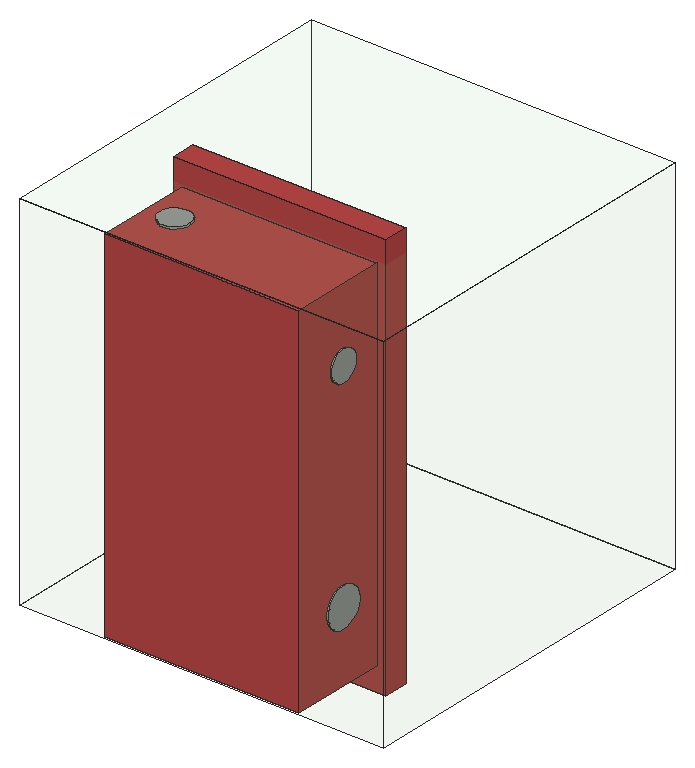
Revit family "ZETA_Коробка_Клемная_КЗНС-16", category Электрические приборы, Revit 2021
Family settings
  Сохранять ориентацию аннотаций = Нет
  Размер круглого соединителя = Использовать диаметр
  Тип детали = Нормальный
  На основе рабочей плоскости = Нет
  Всегда вертикально = Да
  При загрузке вырезать с полостями = Нет
  Общий = Нет
  Точка принадлежности помещению = Да
Parameters (values of type "16_IP65")
  Угол_Размещение [instance] = if(Потолочное размещение, -90.00°, 0.00°)  # 0.00°
  УГО_Смещение_Y [instance] = 0 mm
  УГО_Смещение_X [instance] = 0 mm
  УГО_Длина = 10 mm
  УГО_Высота = 5 mm
  Описание = "Коробки клеммные с наборными зажимами КЗНС с латунными кабельными\r\nвводами применяются для соединения и разветвления вторичных и силовых\r\nэлектрических цепей, выполняемых контрольными кабелями с числом жил до 52 и\r\nсиловыми кабелями с алюминиевыми или медными жилами сечением 1,5—4 мм2."
  Использовать масштаб аннотаций = 0
  Изготовитель = "АО «ЗЭТА»"  # constant formula
  Температура эксплуатации = "от -40 до +60 °С"
  Сечение жил = "до 4 мм2"
  Сертификат = "RU C-RU.АД84.В.00192/20"
  Потолочное размещение [instance] = no
  Питание через наконечники [instance] = yes
  Отверстие2_Привязка = 35 mm
  Отверстие1_Привязка = 35 mm
  Номинальный ток = "до 25А"
  Номинал MCB [instance] = 1 A
  МеталическаяЗаглушка_Привязка = 100 mm
  Материал корпуса = Zeta_Сталь оцинкованная
  Маркировка типоразмера = ""
  Марка = "1"
  КрышкаОснование_Ширина = ADSK_Размер_Ширина * 0.74286  # 130 mm
  КрышкаОснование_Длина = ADSK_Размер_Длина * 0.7907  # 265.675 mm
  КрышкаВерх_Ширина = ADSK_Размер_Ширина * 0.51429  # 90 mm
  КрышкаВерх_Длина = ADSK_Размер_Длина * 0.60465  # 203.163 mm
  Крышка_Ширина = ADSK_Размер_Ширина * 2.292  # 401.1 mm
  Крышка_Длина = ADSK_Размер_Длина * 2.6791  # 900.168 mm
  Крышка_Высота = 16 mm
  Крепления_Ширина = ADSK_Размер_Ширина * 0.33143  # 58 mm
  Крепления_Длина = ADSK_Размер_Длина * 1.1116  # 373.507 mm
  Корпус_Ширина = ADSK_Размер_Ширина * 0.89143  # 156 mm
  Корпус_Длина = ADSK_Размер_Длина * 0.91163  # 306.307 mm
  Корпус_Высота = 71 mm
  Комментарии = ""
  Количество зажимов = 10
  Климатическое исполнение = "УХЛ1,5"
  Изображение = 0
  Изготавливается по = "ТУ 27.33.13.120-047-99856433-2020"
  Отметка по умолчанию = 0 mm
  Активные наконечники [instance] = yes
  URL = "https://nzeta.ru/"
  D4 = 40 mm
  D3 = 25 mm
  D2 = 32 mm
  D1 = 20 mm
  В_УГО_Смещение_Y [instance] = УГО_Смещение_Y + 2000 mm  # 2000 mm
  В_УГО_Смещение_X [instance] = УГО_Смещение_X + 2000 mm  # 2000 mm
  ADSK_Ток = 0 A
  ADSK_Степень защиты_IP = "IP65"
  ADSK_Размер_Ширина = 175 mm
  ADSK_Размер_УголПоворота [instance] = Угол_Размещение  # 0.00°
  ADSK_Размер_Длина = 336 mm
  ADSK_Размер_Высота = 100 mm
  ADSK_Примечание [instance] = ""
  ADSK_Полная мощность = 0 VA
  ADSK_Позиция на схеме [instance] = ""
  ADSK_Позиция [instance] = ""
  ADSK_Обозначение = "KK"
  ADSK_Номинальная мощность = 0 W
  ADSK_Номер стояка = ""
  ADSK_Номер линии = 1
  ADSK_Напряжение = 230 V
  ADSK_Наименование краткое = "КЗНС-16"
  ADSK_Наименование = "Коробка с зажимами наборными КЗНС-16 УХЛ1,5 IP65 латунный ввод ГОФРОМАТИК"
  ADSK_Материал наименование = "Сталь оцинкованная"
  ADSK_Масса_Текст = "2.45"
  ADSK_Масса = 2.45
  ADSK_Марка = "КК КЗНС-16 УХЛ1,5 IP65"
  ADSK_Коэффициент мощности = 1
  ADSK_Количество фаз числовое = 1
  ADSK_Количество фаз = 1
  ADSK_Количество = 1  # constant formula
  ADSK_Код изделия = "zeta30316"
  ADSK_Классификация нагрузок = Прочее
  ADSK_Завод-изготовитель = "АО «ЗЭТА»"  # constant formula
  ADSK_Единица измерения = "шт"  # constant formula
  ADSK_Версия семейства = "v.1"  # constant formula
  ADSK_Версия Revit = "2021"  # constant formula
  ADSK_URL страницы изделия = "https://nzeta.ru/catalog/?q=zeta30316"
  ADSK_URL документации изделия = "https://nzeta.ru/upload/uf/003/akg4yxsowzhmybzrd4x7akg7fxnlxb9j/passport.pdf"
Types (2, lengths in mm): name | Климатическое исполнение | ADSK_Степень защиты_IP | ADSK_Наименование | ADSK_Масса_Текст | ADSK_Масса | ADSK_Марка | ADSK_Код изделия | ADSK_URL страницы изделия | ADSK_URL документации изделия
  16_IP54 | "У2" | "IP54" | "Коробка с зажимами наборными КЗНС-16 У2 IP54  пластиковый ввод ГОФРОМАТИК" | "2.1" | 2.1 | "КК КЗНС-16 У2 IP54" | "zeta30317" | "https://nzeta.ru/catalog/?q=zeta30317" | "https://nzeta.ru/upload/uf/389/n6akvtbyqcllzx1o5519rz8afk2zpcks/passport.pdf"
  16_IP65 | "УХЛ1,5" | "IP65" | "Коробка с зажимами наборными КЗНС-16 УХЛ1,5 IP65 латунный ввод ГОФРОМАТИК" | "2.45" | 2.45 | "КК КЗНС-16 УХЛ1,5 IP65" | "zeta30316" | "https://nzeta.ru/catalog/?q=zeta30316" | "https://nzeta.ru/upload/uf/003/akg4yxsowzhmybzrd4x7akg7fxnlxb9j/passport.pdf"
Reference planes
  plane 1 "Center (Front/Back)": y = 0
  plane 2: z = 0
  plane 3 "Center (Left/Right)": x = 0
  plane 4: x = -2000
  plane 5: y = -2000
  plane 6: x = 0
  plane 7: y = 0
Lines and regions (mm)
  reference lines
    curve 1: line (0, 0, 0) -> (0, 640, 0)
    curve 2: line (0, 0, 0) -> (0, 0, 500)
Dimensions and locks
  "В_УГО_Смещение_Y": plane 7 to plane 5
  "В_УГО_Смещение_X": plane 4 to plane 6
  locked: curve 2 to curve 1 (angle 90.00°)
  "Угол_Размещение": angle curve 2 to plane 1 "Center (Front/Back)"
  aligned and locked: level to plane 2
  aligned and locked: plane 1 "Center (Front/Back)" to curve 1
  aligned and locked: level to curve 1
  aligned and locked: plane 6 to nested 2
  aligned and locked: nested 2 to plane 7
Nested families
  nested 1: "ZETA_Коробка_Клемная_КЗНС_16" at (0, 0, 0) x (0, 0, 1) z (0, 1, 0), Image <- "Изображение", Comments <- "Комментарии", Mark <- "Марка", type "КЗНС_16", detail levels medium+fine
  nested 2: "УГО_Клеменная_Коробка_(GenAnn)" at (0, 0, 0), УГО_Высота <- "УГО_Высота", УГО_Длина <- "УГО_Длина", ADSK_Степень защиты_IP <- "ADSK_Степень защиты_IP", ADSK_Обозначение <- "ADSK_Обозначение", type "УГО_Клеменная_Коробка_(GenAnn)", detail levels coarse+medium
    with УГО_Длина 10 mm, УГО_Высота 5 mm, ADSK_Степень защиты_IP "IP65", ADSK_Обозначение "KK"
  nested 3: "Zeta_Зона обслуживания" at (0, 0, 0) x (-1, 0, 0) z (0, 0, -1), type "Зона обслуживания_Куб", detail levels medium+fine
    with Зона обслуживания_Ширина 300 mm, Зона обслуживания_Длина 300 mm, Зона обслуживания_Высота 300 mm
Connectors
  cabletrayconduit at (-81.999, 43.588, 88.893), diameter 25, driven by "D3"
    settings: on nested 1, index 1, connector width 300 mm, connector height 300 mm, connector angle 0.00°, system type 32, placement type 0, profile type 0, connector reference index -1, is primary connector yes, connector utility param no, connector description ""
  cabletrayconduit at (-81.999, 43.588, 0), diameter 25, driven by "D3"
    settings: on nested 1, index 2, connector width 300 mm, connector height 300 mm, connector angle 0.00°, system type 32, placement type 0, profile type 0, connector reference index -1, is primary connector no, connector utility param no, connector description ""
  cabletrayconduit at (-81.999, 43.588, -88.893), diameter 25, driven by "D3"
    settings: on nested 1, index 3, connector width 300 mm, connector height 300 mm, connector angle 0.00°, system type 32, placement type 0, profile type 0, connector reference index -1, is primary connector no, connector utility param no, connector description ""
  cabletrayconduit at (-57.269, 43.588, 149.776), diameter 25, driven by "D3"
    settings: on nested 1, index 4, connector width 300 mm, connector height 300 mm, connector angle 0.00°, system type 32, placement type 0, profile type 0, connector reference index -1, is primary connector no, connector utility param no, connector description ""
  cabletrayconduit at (57.269, 43.588, -149.611), diameter 25, driven by "D3"
    settings: on nested 1, index 5, connector width 300 mm, connector height 300 mm, connector angle 0.00°, system type 32, placement type 0, profile type 0, connector reference index -1, is primary connector no, connector utility param no, connector description ""
  cabletrayconduit at (81.928, 43.588, -89.057), diameter 32, driven by "D2"
    settings: on nested 1, index 6, connector width 300 mm, connector height 300 mm, connector angle 0.00°, system type 32, placement type 0, profile type 0, connector reference index -1, is primary connector no, connector utility param no, connector description ""
  cabletrayconduit at (81.928, 43.588, 89.057), diameter 25, driven by "D3"
    settings: on nested 1, index 7, connector width 300 mm, connector height 300 mm, connector angle 0.00°, system type 32, placement type 0, profile type 0, connector reference index -1, is primary connector no, connector utility param no, connector description ""
Definition of nested family "ZETA_Коробка_Клемная_КЗНС_16"
  Parameters (values of type "КЗНА_16")
    Привязки_Штуцер = 177.786 mm
    Default Elevation = 1219.2 mm
    Основание_Ширина = ADSK_Размер_Ширина * 0.9142  # 159.985 mm
    Основание_Длина = ADSK_Размер_Длина * 0.8835  # 296.856 mm
    Manufacturer = "АО \"ЗЭТАРУС\""
    D3 = 20 mm
    D2 = 32 mm
    D1 = 25 mm
    ADSK_Размер_Ширина = 175 mm
    ADSK_Размер_Длина = 336 mm
    ADSK_Размер_Высота = 100 mm
  Reference planes
    plane 1 "По центру (Вперед/Назад)": y = 0
    plane 2: z = 0
    plane 3 "По центру (Влево/Вправо)": x = 0
    plane 4: x = -148.428
    plane 5: x = 148.428
    plane 6: y = -79.992
    plane 7: y = 79.993
    plane 8: x = -168
    plane 9: y = -87.5
    plane 10: x = 168
    plane 11: y = 87.5
    plane 12: z = 100
    plane 13: z = 79.822
    plane 14: y = -57.269
    plane 15: y = 57.269
    plane 16: z = 43.588
    plane 17: y = -81.999
    plane 18: y = 81.928
    plane 19: x = -88.893
    plane 20: x = 88.893
    plane 21: x = -89.057
    plane 22: x = 89.057
  Forms (mm)
    Extrusion 1, solid
      sketch origin (0, 0, 0) x (1, 0, 0) y (0, 1, 0)
        loop
          line (-148.428, 79.993) -> (-148.428, -79.992) -> (148.428, -79.992) -> (148.428, 79.993) -> (-148.428, 79.993)
      from 0 to 79.822
    Extrusion 2, solid
      sketch origin (0, 0, 0) x (1, 0, 0) y (0, 1, 0)
        loop
          line (-168, 87.5) -> (-168, -87.5) -> (168, -87.5) -> (168, 87.5) -> (-168, 87.5)
      from 100 to 79.822
    Extrusion 3, solid
      sketch origin (0, 0, 0) x (1, 0, 0) y (0, 0, 1)
        loop
          circle (-88.893, 43.588) r 12.5
      from 79.992 to 81.999
    Extrusion 4, solid
      sketch origin (43.5, 0, 0) x (1, 0, 0) y (0, 0, 1)
        loop
          circle (-43.5, 43.588) r 12.5
      from 81.999 to 79.992
    Extrusion 5, solid
      sketch origin (117, 0, 0) x (1, 0, 0) y (0, 0, 1)
        loop
          circle (-28.107, 43.588) r 12.5
      from 81.999 to 79.992
    Extrusion 6, solid
      sketch origin (26.528, 167.006, 14.478) x (1, 0, 0) y (0, 0, 1)
        loop
          circle (-115.585, 29.11) r 16
      from 85.079 to 87.014
    Extrusion 7, solid
      sketch origin (204.642, 167.006, 14.478) x (1, 0, 0) y (0, 0, 1)
        loop
          circle (-115.585, 29.11) r 12.5
      from 85.079 to 87.014
    Extrusion 8, solid
      sketch origin (-148.428, -79.992, 0) x (0, 1, 0) y (0, 0, -1)
        loop
          circle (137.261, -43.588) r 12.5
      from 0 to 1.183
    Extrusion 9, solid
      sketch origin (148.428, 79.993, 0) x (0, -1, 0) y (0, 0, -1)
        loop
          circle (137.261, -43.588) r 12.5
      from 0 to 1.348
  Dimensions and locks
    equal spacing: plane 4, plane 3 "По центру (Влево/Вправо)", plane 5
    equal spacing: plane 7, plane 1 "По центру (Вперед/Назад)", plane 6
    "Основание_Ширина": plane 7 to plane 6
    "Основание_Длина": plane 4 to plane 5
    equal spacing: plane 11, plane 1 "По центру (Вперед/Назад)", plane 9
    equal spacing: plane 8, plane 3 "По центру (Влево/Вправо)", plane 10
    "ADSK_Размер_Ширина": plane 11 to plane 9
    "ADSK_Размер_Длина": plane 8 to plane 10
    "ADSK_Размер_Высота": plane 12 to level
    locked: plane 6 to plane 17 at 2.006
    locked: plane 18 to plane 7 at 1.935
    equal spacing: plane 19, plane 3 "По центру (Влево/Вправо)", plane 20
    "Привязки_Штуцер": plane 19 to plane 20
    "D1": diameter of Extrusion 3 sketch curve
    "D1": diameter of Extrusion 4 sketch curve
    "D1": diameter of Extrusion 5 sketch curve
    "D2": diameter of Extrusion 6 sketch curve
    "D1": diameter of Extrusion 7 sketch curve
    "D1": diameter of Extrusion 8 sketch curve
    "D1": diameter of Extrusion 9 sketch curve
    aligned and locked: level to plane 2
    aligned and locked: Extrusion 1 sketch curve to plane 7
    aligned and locked: plane 4 to Extrusion 1 sketch curve
    aligned and locked: plane 6 to Extrusion 1 sketch curve
    aligned and locked: Extrusion 1 sketch curve to plane 5
    aligned and locked: Extrusion 2 sketch curve to plane 11
    aligned and locked: plane 8 to Extrusion 2 sketch curve
    aligned and locked: plane 9 to Extrusion 2 sketch curve
    aligned and locked: Extrusion 2 sketch curve to plane 10
    aligned and locked: Extrusion 2 to plane 13
    aligned and locked: Extrusion 1 to Extrusion 2
    aligned and locked: plane 16 to Extrusion 3 sketch curve
    aligned and locked: plane 6 to Extrusion 3
    aligned and locked: Extrusion 3 to plane 17
    aligned and locked: Extrusion 4 to Extrusion 1
    aligned and locked: Extrusion 4 to plane 17
    aligned and locked: Extrusion 5 to Extrusion 1
    aligned and locked: Extrusion 5 to plane 17
    aligned and locked: plane 19 to Extrusion 3 sketch curve
    aligned and locked: plane 20 to Extrusion 5 sketch curve
    aligned and locked: plane 16 to Extrusion 5 sketch curve
  Automatic sketch dimensions
    Extrusion 4 sketch curve to plane 3 "По центру (Влево/Вправо)" = 0 mm
    Extrusion 4 sketch curve to plane 16 = 0 mm
    Extrusion 6 sketch curve to plane 16 = 0 mm
    Extrusion 6 sketch curve to plane 21 = 0 mm
    Extrusion 7 sketch curve to plane 16 = 0 mm
    Extrusion 7 sketch curve to plane 22 = 0 mm
    Extrusion 1 to Extrusion 8 sketch curve = 22.724 mm
    Extrusion 1 to Extrusion 8 sketch curve = 36.234 mm
    Extrusion 1 to Extrusion 9 sketch curve = 22.724 mm
    Extrusion 1 to Extrusion 9 sketch curve = 36.234 mm
Definition of nested family "Zeta_Зона обслуживания"
  Parameters (values of type "Зона обслуживания_Куб")
    Default Elevation = 1219.2 mm
    Зона обслуживания_Ширина [instance] = 300 mm
    Зона обслуживания_Длина [instance] = 300 mm
    Зона обслуживания_Высота [instance] = 300 mm
  Reference planes
    plane 1 "По центру (Вперед/Назад)": y = 0
    plane 2: z = 0
    plane 3 "По центру (Влево/Вправо)": x = 0
    plane 4: x = -150
    plane 5: x = 150
    plane 6: y = 300
    plane 7: z = 150
    plane 8: z = -150
  Forms (mm)
    Extrusion 1, solid
      sketch origin (0, 0, 0) x (1, 0, 0) y (0, 1, 0)
        loop
          line (-150, 300) -> (-150, 0) -> (150, 0) -> (150, 300) -> (-150, 300)
      from -150 to 150
  Dimensions and locks
    equal spacing: plane 4, plane 3 "По центру (Влево/Вправо)", plane 5
    "Зона обслуживания_Ширина": plane 6 to plane 1 "По центру (Вперед/Назад)"
    "Зона обслуживания_Длина": plane 4 to plane 5
    equal spacing: plane 7, level, plane 8
    "Зона обслуживания_Высота": plane 7 to plane 8
    aligned and locked: level to plane 2
    aligned and locked: Extrusion 1 sketch curve to plane 6
    aligned and locked: plane 4 to Extrusion 1 sketch curve
    aligned and locked: Extrusion 1 sketch curve to plane 5
    aligned and locked: Extrusion 1 to plane 8
    aligned and locked: plane 7 to Extrusion 1
    aligned and locked: plane 1 "По центру (Вперед/Назад)" to Extrusion 1
  Automatic sketch dimensions
    plane 1 "По центру (Вперед/Назад)" to Extrusion 1 sketch curve = 0 mm
Definition of nested family "УГО_Клеменная_Коробка_(GenAnn)"
  Parameters (values of type "УГО_Клеменная_Коробка_(GenAnn)")
    УГО_Длина [instance] = 10 mm
    УГО_Высота [instance] = 5 mm
    ADSK_Степень защиты_IP [instance] = ""
    ADSK_Обозначение [instance] = ""
  Reference planes
    plane 1: y = 0
    plane 2: x = 0
  Lines and regions (mm)
    Filled region 1, type "Filled region 1"
      outline origin (0, 0, 0) x (1, 0, 0) y (0, 1, 0)
        loop
          line (-5, 2.5) -> (-5, -2.5) -> (5, -2.5) -> (5, 2.5) -> (-5, 2.5)
    reference lines
      curve 1: line (-5, 2.5, 0) -> (-5, -2.5, 0)
      curve 2: line (-5, -2.5, 0) -> (5, -2.5, 0)
      curve 3: line (5, 2.5, 0) -> (5, -2.5, 0)
      curve 4: line (-5, 2.5, 0) -> (5, 2.5, 0)
  Text (mm)
    label "KK IP 54" at (0.033, -0.03, 0), shows "ADSK_Обозначение", "ADSK_Степень защиты_IP"
  Dimensions and locks
    equal spacing: curve 1, plane 2, curve 3
    equal spacing: curve 2, plane 1, curve 4
    "УГО_Длина": curve 1 to curve 3
    "УГО_Высота": curve 2 to curve 4
    aligned and locked: Filled region 1 sketch curve to curve 4
    aligned and locked: Filled region 1 sketch curve to curve 1
    aligned and locked: Filled region 1 sketch curve to curve 2
    aligned and locked: Filled region 1 sketch curve to curve 3
